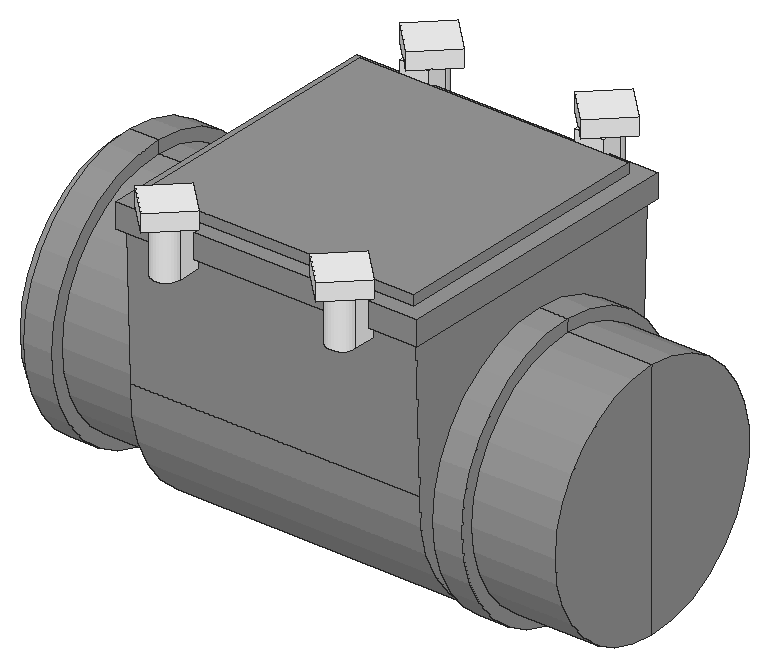
Revit family "anti-flooding valve Stausafe E DN 150", category Příslušenství trubek, Revit 2016
Family settings
  Typ součásti = Připojí se k
  Kóta kulaté spojky = Použít průměr
  Založené na pracovní rovině = Ne
  Vždy vertikální = Ano
  Ořezat dutým tvarem při načtení = Ne
  Sdílené = Ne
Parameters (values of type "anti-flooding valve Stausafe E DN 150")
  Výrobce = "Dallmer Ltd."
  URL = "https://www.dallmer.de/en/produkte/661098_anti-flooding-valve-Stausafe-E-DN-150.php"
  Popis = "Anti-flooding valve"
  PRESSURE DROP [instance] = 0.0 Pa
  NOMINAL DIAMETER 2 = 150 mm
  NOMINAL DIAMETER = 150 mm
  Model = "Anti-flooding valve Stausafe E, DN 150"
  MATERIAL = "ABS, stainless steel, plastic"
  LEGAL NOTICE = "Copyright (©), design rights or any other intellectual property rights, shall be the exclusive property of Dallmer Ltd. Modification is not allowed. Family has been watermarked."
  Komentáře k typům = "self-closing stainless steel flap, stainless steel pivots, easy to maintain ABS housing, inspection cover with wingnuts can be opened for maintenance without tools"
  Keynote = "Anti-flooding valve Stausafe E, DN 150"
  GTIN = "4001636661098"
  FLOW [instance] = 0.0 m³/h
  DIMENSION = "DN 150"
  Cena = 0
Reference planes
  plane 1 "Střed (vpředu/vzadu)": y = 0
  plane 2: z = 0
  plane 3 "Střed (vlevo/vpravo)": x = 0
Forms (mm)
  Sweep 1, solid, material "Plastic - Orange", detail levels fine
    path origin (106.471, 0, 126.9) x (1, 0, 0) y (0, 0, 1)
      loop
        line (101.5, -24) -> (-101.443, -24)
    profile origin (106.5, 0, 102.9) x (0, 0, -1) y (0, -1, 0)
      loop
        line (-0.5, 0) -> (-0.5, -101.455) -> (99.02, -97.98)
        arc (99.02, -97.98) -> (171.687, -71.286) -> (201.874, 0) r 97.308
        arc (201.874, 0) -> (171.687, 71.286) -> (99.02, 97.98) r 97.308
        line (99.02, 97.98) -> (-0.5, 101.455) -> (-0.5, 0)
  Extrusion 2, solid, material "Plastic - Orange", detail levels fine
    sketch origin (207.971, 0, 103.4) x (-1, 0, 0) y (0, -1, 0)
      loop
        line (-4.2, 105.7) -> (-4.2, -105.7) -> (207.2, -105.7) -> (207.2, 105.7) -> (-4.2, 105.7)
    from 0 to 16.5
  Extrusion 3, solid, material "Plastic - Orange", detail levels fine
    sketch origin (207.971, 0, 119.9) x (-1, 0, 0) y (0, -1, 0)
      loop
        line (196, -94.5) -> (196, 94.5) -> (7, 94.5) -> (7, -94.5) -> (196, -94.5)
    from 0 to 7
  Extrusion 4, solid, material "Plactic - White", detail levels fine
    sketch origin (106.471, 0, 126.9) x (1, 0, 0) y (0, 1, 0)
      loop
        line (71.5, -101.158) -> (51.5, -101.158) -> (51.5, -116.5)
        arc (51.5, -116.5) -> (61.5, -126.5) -> (71.5, -116.5) r 10
        line (71.5, -116.5) -> (71.5, -101.158)
    from -32 to 3.735
  Extrusion 5, solid, material "Plactic - White", detail levels fine
    sketch origin (106.471, 0, 130.635) x (1, 0, 0) y (0, 1, 0)
      loop
        line (84.127, -116.5) -> (61.5, -93.873) -> (38.873, -116.5) -> (61.5, -139.127) -> (84.127, -116.5)
    from 0 to 12
  Extrusion 6, solid, material "Plactic - White", detail levels fine
    sketch origin (-16.529, 0, 126.9) x (1, 0, 0) y (0, 1, 0)
      loop
        line (71.5, -101.158) -> (51.5, -101.158) -> (51.5, -116.5)
        arc (51.5, -116.5) -> (61.5, -126.5) -> (71.5, -116.5) r 10
        line (71.5, -116.5) -> (71.5, -101.158)
    from -32 to 3.735
  Extrusion 7, solid, material "Plactic - White", detail levels fine
    sketch origin (-16.529, 0, 130.635) x (1, 0, 0) y (0, 1, 0)
      loop
        line (84.127, -116.5) -> (61.5, -93.873) -> (38.873, -116.5) -> (61.5, -139.127) -> (84.127, -116.5)
    from 0 to 12
  Extrusion 8, solid, material "Plactic - White", detail levels fine
    sketch origin (106.471, 0, 126.9) x (1, 0, 0) y (0, 1, 0)
      loop
        line (71.5, 101.158) -> (71.5, 116.5)
        arc (71.5, 116.5) -> (61.5, 126.5) -> (51.5, 116.5) r 10
        line (51.5, 116.5) -> (51.5, 101.158) -> (71.5, 101.158)
    from -32 to 3.735
  Extrusion 9, solid, material "Plactic - White", detail levels fine
    sketch origin (106.471, 0, 130.635) x (1, 0, 0) y (0, 1, 0)
      loop
        line (84.127, 116.5) -> (61.5, 139.127) -> (38.873, 116.5) -> (61.5, 93.873) -> (84.127, 116.5)
    from 0 to 12
  Extrusion 10, solid, material "Plactic - White", detail levels fine
    sketch origin (-16.529, 0, 126.9) x (1, 0, 0) y (0, 1, 0)
      loop
        line (71.5, 101.158) -> (71.5, 116.5)
        arc (71.5, 116.5) -> (61.5, 126.5) -> (51.5, 116.5) r 10
        line (51.5, 116.5) -> (51.5, 101.158) -> (71.5, 101.158)
    from -32 to 3.735
  Extrusion 11, solid, material "Plactic - White", detail levels fine
    sketch origin (-16.529, 0, 130.635) x (1, 0, 0) y (0, 1, 0)
      loop
        line (84.127, 116.5) -> (61.5, 139.127) -> (38.873, 116.5) -> (61.5, 93.873) -> (84.127, 116.5)
    from 0 to 12
  Sweep 12, solid, material "Plastic - Orange", not visible, detail levels fine
    path origin (106.471, 0, 126.9) x (1, 0, 0) y (0, 0, 1)
      loop
        line (186.5, -58.4) -> (101.5, -58.4)
    profile origin (250.471, 0, 68.5) x (0, 0, -1) y (0, -1, 0)
      loop
        circle (80, 0) r 80
  Revolve 13, solid, material "Plastic - Orange", detail levels fine
    sketch origin (106.471, 0, 126.9) x (1, 0, 0) y (0, 0, 1)
      loop
        line (-189.5, -126.9) -> (-101.443, -126.9) -> (-101.443, -41.9) -> (-160.5, -41.9) -> (-160.5, -33.366) -> (-180.5, -33.366) -> (-180.5, -41.9) -> (-189.5, -41.9) -> (-189.5, -126.9)
      axis (-101.443, -126.9) -> (-189.5, -126.9)
    angle from 0 to 360
  Revolve 14, solid, material "Plastic - Orange", detail levels fine
    sketch origin (394.414, 0, 115.4) x (1, 0, 0) y (0, 0, 1)
      loop
        line (-186.443, -126.9) -> (-101.443, -126.9) -> (-101.443, -41.9) -> (-160.5, -41.9) -> (-160.5, -33.366) -> (-180.5, -33.366) -> (-180.5, -41.9) -> (-186.443, -41.9) -> (-186.443, -126.9)
      axis (-101.443, -126.9) -> (-186.443, -126.9)
    angle from 0 to 360
Lines and regions (mm)
  symbolic lines, style "Symbol", detail levels coarse+medium
    curve 1: line (292.971, 0, 0) -> (0, 0, 0)
    curve 2: line (271.486, -60, 0) -> (271.486, 60, 0)
    curve 3: line (271.486, 60, 0) -> (21.486, 60, 0)
    curve 4: line (21.486, -60, 0) -> (21.486, 60, 0)
    curve 9: line (146.486, -105, 0) -> (146.486, 105, 0)
    curve 10: line (271.486, -60, 0) -> (21.486, -60, 0)
  model lines, style "Symbol", detail levels coarse+medium
    curve 5: line (0, 0, 0) -> (292.971, 0, -11.5)
    curve 6: line (271.486, 0, -65.75) -> (271.486, 0, 54.25)
    curve 7: line (271.486, 0, 54.25) -> (21.486, 0, 54.25)
    curve 8: line (21.486, 0, -65.75) -> (21.486, 0, 54.25)
    curve 13: line (271.486, 0, -65.75) -> (21.486, 0, -65.75)
  model lines, detail levels coarse+medium
    curve 11: line (146.486, 0, -5.75) -> (146.486, 0, 99.25)
    curve 12: line (146.486, 0, -110.75) -> (146.486, 0, -5.75)
Dimensions and locks
  aligned and locked: level to plane 2
Connectors
  piping at (0, 0, 0), diameter 150, driven by "PRESSURE DROP", driven by "NOMINAL DIAMETER", driven by "FLOW"
    settings: on plane 3 "Střed (vlevo/vpravo)", index 1, connector inside diameter 609.6 mm, connector length 0 mm, flow factor 0, pipe flow 0.0 m³/h, pressure drop 0.0 Pa, fitting loss kfactor 0, connector angle 0.00°, fixture units 0, engagement length 0 mm, angle of deflection 0.00°, flow configuration 0, flow direction 0, fitting loss method 4, system type 16, joint type 0, gender type 0, connector reference index -1, connector utility 0, adjustable connector no, is connector primary yes, connector description ""
  piping at (292.971, 0, -11.5), diameter 150, driven by "NOMINAL DIAMETER 2", driven by "FLOW"
    settings: on Sweep 12, index 2, connector inside diameter 609.6 mm, connector length 0 mm, flow factor 0, pipe flow 0.0 m³/h, pressure drop 0.0 Pa, fitting loss kfactor 0, connector angle 0.00°, fixture units 0, engagement length 0 mm, angle of deflection 0.00°, flow configuration 1, flow direction 2, fitting loss method 4, system type 16, joint type 0, gender type 0, connector reference index -1, connector utility 0, adjustable connector no, is connector primary no, connector description ""
